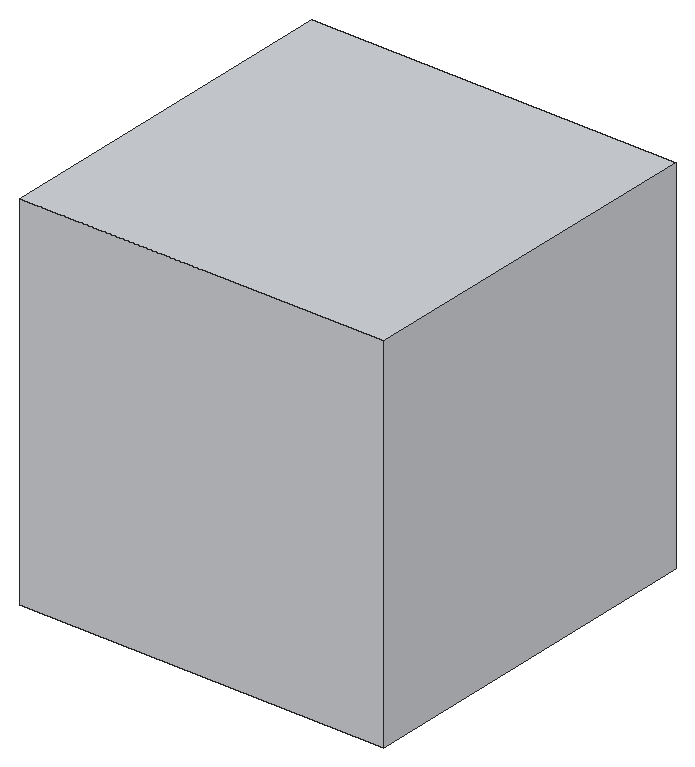
Revit family "Chiclet Family", category Generic Models, Revit 2018
Family settings
  Can host rebar = No
  Round Connector Dimension = Use Diameter
  Part Type = Normal
  Work Plane-Based = No
  Always vertical = Yes
  Cut with Voids When Loaded = No
  Shared = No
  Room Calculation Point = No
Parameters
  Width = 5' - 0"
  Length = 5' - 0"
  Height = 5' - 0"
Reference planes (in)
  plane 1 "Center (Front/Back)": y = 0
  plane 2: z = 0
  plane 3 "Center (Left/Right)": x = 0
  plane 4: y = -60
  plane 5: x = 60
  plane 6: z = 60
Forms (in)
  Sweep 1, solid
    path origin (0, 0, 0) x (1, 0, 0) y (0, 0, 1)
      loop
        line (0, 0) -> (0, 60)
    profile origin (0, 0, 30) x (-1, 0, 0) y (0, -1, 0)
      loop
        line (0, 0) -> (0, 60) -> (-60, 60) -> (-60, 0) -> (0, 0)
Dimensions and locks (in)
  "Height": plane 6 to level
  "Width": plane 3 "Center (Left/Right)" to plane 5
  "Length": plane 1 "Center (Front/Back)" to plane 4
  aligned and locked: plane 2 to level
  aligned and locked: Sweep 1 sketch curve to plane 4
  aligned and locked: Sweep 1 sketch curve to plane 5
  aligned and locked: plane 6 to Sweep 1 sketch curve
  aligned and locked: level to Sweep 1 sketch curve
  aligned and locked: plane 1 "Center (Front/Back)" to Sweep 1 sketch curve
  aligned and locked: Sweep 1 sketch curve to plane 3 "Center (Left/Right)"
Automatic sketch dimensions
  Sweep 1 sketch curve to plane 3 "Center (Left/Right)" = 0' - 0"
